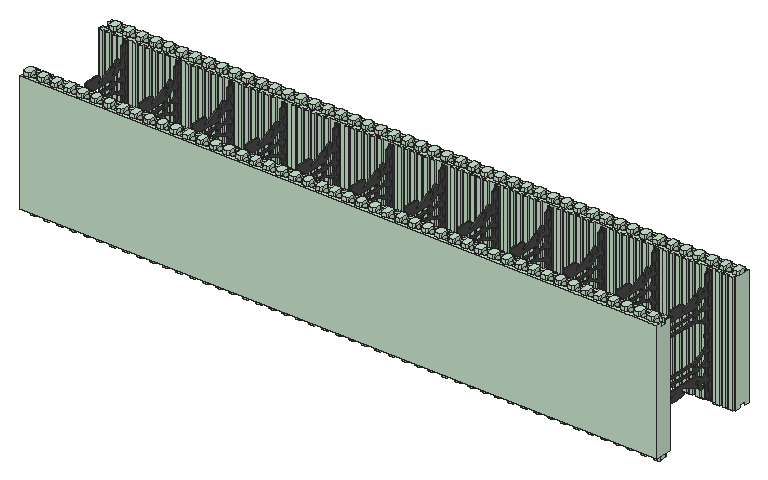
Revit family (continued)
Nested families (in)
  nested 168: "Interlock Tooth" at (14, 3, -18.5), type "Interlock Tooth"
  nested 169: "Interlock Tooth" at (16, 3, -18.5), type "Interlock Tooth"
  nested 170: "Interlock Tooth" at (18, 3, -18.5), type "Interlock Tooth"
  nested 171: "Interlock Tooth" at (20, 3, -18.5), type "Interlock Tooth"
  nested 172: "Interlock Tooth" at (22, 3, -18.5), type "Interlock Tooth"
  nested 173: "Interlock Tooth" at (24, 3, -18.5), type "Interlock Tooth"
  nested 174: "Interlock Tooth" at (26, 3, -18.5), type "Interlock Tooth"
  nested 175: "Interlock Tooth" at (28, 3, -18.5), type "Interlock Tooth"
  nested 176: "Interlock Tooth" at (30, 3, -18.5), type "Interlock Tooth"
  nested 177: "Interlock Tooth" at (32, 3, -18.5), type "Interlock Tooth"
  nested 178: "Interlock Tooth" at (34, 3, -18.5), type "Interlock Tooth"
  nested 179: "Interlock Tooth" at (36, 3, -18.5), type "Interlock Tooth"
  nested 180: "Interlock Tooth" at (38, 3, -18.5), type "Interlock Tooth"
  nested 181: "Interlock Tooth" at (40, 3, -18.5), type "Interlock Tooth"
  nested 182: "Interlock Tooth" at (42, 3, -18.5), type "Interlock Tooth"
  nested 183: "Interlock Tooth" at (44, 3, -18.5), type "Interlock Tooth"
  nested 184: "Interlock Tooth" at (46, 3, -18.5), type "Interlock Tooth"
  nested 185: "Interlock Tooth" at (48, 3, -18.5), type "Interlock Tooth"
  nested 186: "Interlock Tooth" at (50, 3, -18.5), type "Interlock Tooth"
  nested 187: "Interlock Tooth" at (52, 3, -18.5), type "Interlock Tooth"
  nested 188: "Interlock Tooth" at (54, 3, -18.5), type "Interlock Tooth"
  nested 189: "Interlock Tooth" at (56, 3, -18.5), type "Interlock Tooth"
  nested 190: "Interlock Tooth" at (58, 3, -18.5), type "Interlock Tooth"
  nested 191: "Interlock Tooth" at (60, 3, -18.5), type "Interlock Tooth"
  nested 192: "Interlock Tooth" at (62, 3, -18.5), type "Interlock Tooth"
  nested 193: "Interlock Tooth" at (64, 3, -18.5), type "Interlock Tooth"
  nested 194: "Interlock Tooth" at (66, 3, -18.5), type "Interlock Tooth"
  nested 195: "Interlock Tooth" at (68, 3, -18.5), type "Interlock Tooth"
  nested 196: "Interlock Tooth" at (70, 3, -18.5), type "Interlock Tooth"
  nested 197: "Interlock Tooth" at (72, 3, -18.5), type "Interlock Tooth"
  nested 198: "Interlock Tooth" at (74, 3, -18.5), type "Interlock Tooth"
  nested 199: "Interlock Tooth" at (76, 3, -18.5), type "Interlock Tooth"
  nested 200: "Interlock Tooth" at (78, 3, -18.5), type "Interlock Tooth"
  nested 201: "Interlock Tooth" at (80, 3, -18.5), type "Interlock Tooth"
  nested 202: "Interlock Tooth" at (82, 3, -18.5), type "Interlock Tooth"
  nested 203: "Interlock Tooth" at (84, 3, -18.5), type "Interlock Tooth"
  nested 204: "Interlock Tooth" at (86, 3, -18.5), type "Interlock Tooth"
  nested 205: "Interlock Tooth" at (88, 3, -18.5), type "Interlock Tooth"
  nested 206: "Interlock Tooth" at (90, 3, -18.5), type "Interlock Tooth"
  nested 207: "Interlock Tooth" at (92, 3, -18.5), type "Interlock Tooth"
  nested 208: "Interlock Tooth" at (94, 3, -18.5), type "Interlock Tooth"
  nested 209: "Interlock Tooth" at (0, 0, 0), type "Interlock Tooth", not visible
  nested 210: "Interlock Tooth" at (2, 0, 0), type "Interlock Tooth", not visible
  nested 211: "Interlock Tooth" at (4, 0, 0), type "Interlock Tooth", not visible
  nested 212: "Interlock Tooth" at (6, 0, 0), type "Interlock Tooth", not visible
  nested 213: "Interlock Tooth" at (8, 0, 0), type "Interlock Tooth", not visible
  nested 214: "Interlock Tooth" at (10, 0, 0), type "Interlock Tooth", not visible
  nested 215: "Interlock Tooth" at (12, 0, 0), type "Interlock Tooth", not visible
  nested 216: "Interlock Tooth" at (14, 0, 0), type "Interlock Tooth", not visible
  nested 217: "Interlock Tooth" at (16, 0, 0), type "Interlock Tooth", not visible
  nested 218: "Interlock Tooth" at (18, 0, 0), type "Interlock Tooth", not visible
  nested 219: "Interlock Tooth" at (20, 0, 0), type "Interlock Tooth", not visible
  nested 220: "Interlock Tooth" at (22, 0, 0), type "Interlock Tooth", not visible
  nested 221: "Interlock Tooth" at (24, 0, 0), type "Interlock Tooth", not visible
  nested 222: "Interlock Tooth" at (26, 0, 0), type "Interlock Tooth", not visible
  nested 223: "Interlock Tooth" at (28, 0, 0), type "Interlock Tooth", not visible
  nested 224: "Interlock Tooth" at (30, 0, 0), type "Interlock Tooth", not visible
  nested 225: "Interlock Tooth" at (32, 0, 0), type "Interlock Tooth", not visible
  nested 226: "Interlock Tooth" at (34, 0, 0), type "Interlock Tooth", not visible
  nested 227: "Interlock Tooth" at (36, 0, 0), type "Interlock Tooth", not visible
  nested 228: "Interlock Tooth" at (38, 0, 0), type "Interlock Tooth", not visible
  nested 229: "Interlock Tooth" at (40, 0, 0), type "Interlock Tooth", not visible
  nested 230: "Interlock Tooth" at (42, 0, 0), type "Interlock Tooth", not visible
  nested 231: "Interlock Tooth" at (44, 0, 0), type "Interlock Tooth", not visible
  nested 232: "Interlock Tooth" at (46, 0, 0), type "Interlock Tooth", not visible
  nested 233: "Interlock Tooth" at (48, 0, 0), type "Interlock Tooth", not visible
  nested 234: "Interlock Tooth" at (50, 0, 0), type "Interlock Tooth", not visible
  nested 235: "Interlock Tooth" at (52, 0, 0), type "Interlock Tooth", not visible
  nested 236: "Interlock Tooth" at (54, 0, 0), type "Interlock Tooth", not visible
  nested 237: "Interlock Tooth" at (56, 0, 0), type "Interlock Tooth", not visible
  nested 238: "Interlock Tooth" at (58, 0, 0), type "Interlock Tooth", not visible
  nested 239: "Interlock Tooth" at (60, 0, 0), type "Interlock Tooth", not visible
  nested 240: "Interlock Tooth" at (62, 0, 0), type "Interlock Tooth", not visible
  nested 241: "Interlock Tooth" at (64, 0, 0), type "Interlock Tooth", not visible
  nested 242: "Interlock Tooth" at (66, 0, 0), type "Interlock Tooth", not visible
  nested 243: "Interlock Tooth" at (68, 0, 0), type "Interlock Tooth", not visible
  nested 244: "Interlock Tooth" at (70, 0, 0), type "Interlock Tooth", not visible
  nested 245: "Interlock Tooth" at (72, 0, 0), type "Interlock Tooth", not visible
  nested 246: "Interlock Tooth" at (74, 0, 0), type "Interlock Tooth", not visible
  nested 247: "Interlock Tooth" at (76, 0, 0), type "Interlock Tooth", not visible
  nested 248: "Interlock Tooth" at (78, 0, 0), type "Interlock Tooth", not visible
  nested 249: "Interlock Tooth" at (80, 0, 0), type "Interlock Tooth", not visible
  nested 250: "Interlock Tooth" at (82, 0, 0), type "Interlock Tooth", not visible
  nested 251: "Interlock Tooth" at (84, 0, 0), type "Interlock Tooth", not visible
  nested 252: "Interlock Tooth" at (86, 0, 0), type "Interlock Tooth", not visible
  nested 253: "Interlock Tooth" at (88, 0, 0), type "Interlock Tooth", not visible
  nested 254: "Interlock Tooth" at (90, 0, 0), type "Interlock Tooth", not visible
  nested 255: "Interlock Tooth" at (92, 0, 0), type "Interlock Tooth", not visible
  nested 256: "Interlock Tooth" at (94, 0, 0), type "Interlock Tooth", not visible
  nested 257: "Interlock Tooth" at (1, 8.875, 0), type "Interlock Tooth", not visible
  nested 258: "Interlock Tooth" at (3, 8.875, 0), type "Interlock Tooth", not visible
  nested 259: "Interlock Tooth" at (5, 8.875, 0), type "Interlock Tooth", not visible
  nested 260: "Interlock Tooth" at (7, 8.875, 0), type "Interlock Tooth", not visible
  nested 261: "Interlock Tooth" at (9, 8.875, 0), type "Interlock Tooth", not visible
  nested 262: "Interlock Tooth" at (11, 8.875, 0), type "Interlock Tooth", not visible
  nested 263: "Interlock Tooth" at (13, 8.875, 0), type "Interlock Tooth", not visible
  nested 264: "Interlock Tooth" at (15, 8.875, 0), type "Interlock Tooth", not visible
  nested 265: "Interlock Tooth" at (17, 8.875, 0), type "Interlock Tooth", not visible
  nested 266: "Interlock Tooth" at (19, 8.875, 0), type "Interlock Tooth", not visible
  nested 267: "Interlock Tooth" at (21, 8.875, 0), type "Interlock Tooth", not visible
  nested 268: "Interlock Tooth" at (23, 8.875, 0), type "Interlock Tooth", not visible
  nested 269: "Interlock Tooth" at (25, 8.875, 0), type "Interlock Tooth", not visible
  nested 270: "Interlock Tooth" at (27, 8.875, 0), type "Interlock Tooth", not visible
  nested 271: "Interlock Tooth" at (29, 8.875, 0), type "Interlock Tooth", not visible
  nested 272: "Interlock Tooth" at (31, 8.875, 0), type "Interlock Tooth", not visible
  nested 273: "Interlock Tooth" at (33, 8.875, 0), type "Interlock Tooth", not visible
  nested 274: "Interlock Tooth" at (35, 8.875, 0), type "Interlock Tooth", not visible
  nested 275: "Interlock Tooth" at (37, 8.875, 0), type "Interlock Tooth", not visible
  nested 276: "Interlock Tooth" at (39, 8.875, 0), type "Interlock Tooth", not visible
  nested 277: "Interlock Tooth" at (41, 8.875, 0), type "Interlock Tooth", not visible
  nested 278: "Interlock Tooth" at (43, 8.875, 0), type "Interlock Tooth", not visible
  nested 279: "Interlock Tooth" at (45, 8.875, 0), type "Interlock Tooth", not visible
  nested 280: "Interlock Tooth" at (47, 8.875, 0), type "Interlock Tooth", not visible
  nested 281: "Interlock Tooth" at (49, 8.875, 0), type "Interlock Tooth", not visible
  nested 282: "Interlock Tooth" at (51, 8.875, 0), type "Interlock Tooth", not visible
  nested 283: "Interlock Tooth" at (53, 8.875, 0), type "Interlock Tooth", not visible
  nested 284: "Interlock Tooth" at (55, 8.875, 0), type "Interlock Tooth", not visible
  nested 285: "Interlock Tooth" at (57, 8.875, 0), type "Interlock Tooth", not visible
  nested 286: "Interlock Tooth" at (59, 8.875, 0), type "Interlock Tooth", not visible
  nested 287: "Interlock Tooth" at (61, 8.875, 0), type "Interlock Tooth", not visible
  nested 288: "Interlock Tooth" at (63, 8.875, 0), type "Interlock Tooth", not visible
  nested 289: "Interlock Tooth" at (65, 8.875, 0), type "Interlock Tooth", not visible
  nested 290: "Interlock Tooth" at (67, 8.875, 0), type "Interlock Tooth", not visible
  nested 291: "Interlock Tooth" at (69, 8.875, 0), type "Interlock Tooth", not visible
  nested 292: "Interlock Tooth" at (71, 8.875, 0), type "Interlock Tooth", not visible
  nested 293: "Interlock Tooth" at (73, 8.875, 0), type "Interlock Tooth", not visible
  nested 294: "Interlock Tooth" at (75, 8.875, 0), type "Interlock Tooth", not visible
  nested 295: "Interlock Tooth" at (77, 8.875, 0), type "Interlock Tooth", not visible
  nested 296: "Interlock Tooth" at (79, 8.875, 0), type "Interlock Tooth", not visible
  nested 297: "Interlock Tooth" at (81, 8.875, 0), type "Interlock Tooth", not visible
  nested 298: "Interlock Tooth" at (83, 8.875, 0), type "Interlock Tooth", not visible
  nested 299: "Interlock Tooth" at (85, 8.875, 0), type "Interlock Tooth", not visible
  nested 300: "Interlock Tooth" at (87, 8.875, 0), type "Interlock Tooth", not visible
  nested 301: "Interlock Tooth" at (89, 8.875, 0), type "Interlock Tooth", not visible
  nested 302: "Interlock Tooth" at (91, 8.875, 0), type "Interlock Tooth", not visible
  nested 303: "Interlock Tooth" at (93, 8.875, 0), type "Interlock Tooth", not visible
  nested 304: "Interlock Tooth" at (95, 8.875, 0), type "Interlock Tooth", not visible
  nested 305: "NUDURA Logo Diamond" at (0, -8.625, 0), type "NUDURA Logo Diamond"
  nested 306: "NUDURA Logo Diamond" at (24, -8.625, 0), type "NUDURA Logo Diamond"
  nested 307: "NUDURA Logo Diamond" at (48, -8.625, 0), type "NUDURA Logo Diamond"
  nested 308: "NUDURA Logo Diamond" at (72, -8.625, 0), type "NUDURA Logo Diamond"
  nested 309: "NUDURA Logo Diamond" at (95.99744, 8.625, 0) x (-1, 0, 0) z (0, 0, 1), type "NUDURA Logo Diamond"
  nested 310: "NUDURA Logo Diamond" at (71.99744, 8.625, 0) x (-1, 0, 0) z (0, 0, 1), type "NUDURA Logo Diamond"
  nested 311: "NUDURA Logo Diamond" at (47.99744, 8.625, 0) x (-1, 0, 0) z (0, 0, 1), type "NUDURA Logo Diamond"
  nested 312: "NUDURA Logo Diamond" at (23.99744, 8.625, 0) x (-1, 0, 0) z (0, 0, 1), type "NUDURA Logo Diamond"
  nested 313: "12-inch Insert Web" at (4, 0, 0), type "12-inch Insert Web"
  nested 314: "12-inch Insert Web" at (12, 0, 0), type "12-inch Insert Web"
  nested 315: "12-inch Insert Web" at (20, 0, 0), type "12-inch Insert Web"
  nested 316: "12-inch Insert Web" at (28, 0, 0), type "12-inch Insert Web"
  nested 317: "12-inch Insert Web" at (36, 0, 0), type "12-inch Insert Web"
  nested 318: "12-inch Insert Web" at (44, 0, 0), type "12-inch Insert Web"
  nested 319: "12-inch Insert Web" at (52, 0, 0), type "12-inch Insert Web"
  nested 320: "12-inch Insert Web" at (60, 0, 0), type "12-inch Insert Web"
  nested 321: "12-inch Insert Web" at (68, 0, 0), type "12-inch Insert Web"
  nested 322: "12-inch Insert Web" at (76, 0, 0), type "12-inch Insert Web"
  nested 323: "12-inch Insert Web" at (84, 0, 0), type "12-inch Insert Web"
  nested 324: "12-inch Insert Web" at (92, 0, 0), type "12-inch Insert Web"
Definition of nested family "Interlock Tooth"
  Reference planes (in)
    plane 1 "Center (Front/Back)": y = 0
    plane 2: z = 0
    plane 3 "Center (Left/Right)": x = 0
    plane 4: z = 18
    plane 5: z = 18.5
    plane 6: z = -0.5
  Forms (in)
    Extrusion 1, solid, material "NUDURA Expanded Polystyrene Foam Insulation"
      sketch origin (0, -8.875, 0) x (1, 0, 0) y (0, 1, 0)
        loop
          arc (0, 3.97692) -> (0.04785, 3.82983) -> (0.17308, 3.73905) r 0.25
          arc (0.17308, 3.73905) -> (0.5, 3.6875) -> (0.82692, 3.73905) r 1.0625
          arc (0.82692, 3.73905) -> (0.95215, 3.82983) -> (1, 3.97692) r 0.25
          line (1, 3.97692) -> (1, 4.89808)
          arc (1, 4.89808) -> (0.95215, 5.04517) -> (0.82692, 5.13595) r 0.25
          arc (0.82692, 5.13595) -> (0.5, 5.1875) -> (0.17308, 5.13595) r 1.0625
          arc (0.17308, 5.13595) -> (0.04785, 5.04517) -> (0, 4.89808) r 0.25
          line (0, 4.89808) -> (0, 3.97692)
      from 18 to 18.5
  Dimensions and locks (in)
    locked: plane 4 to level at 18
    locked: plane 4 to plane 5 at 0.5
    locked: plane 6 to level at 0.5
Definition of nested family "12-inch Insert Web"
  Reference planes (in)
    plane 1 "Center (Front/Back)": y = 0
    plane 2: z = 0
    plane 3 "Center (Left/Right)": x = 0
  Forms (in)
    Extrusion 1, solid, material "High Density Polystyrene"
      sketch origin (0, 0, 0) x (0, 1, 0) y (0, 0, 1)
        loop
          line (6.25, 0) -> (6.25, 17.74583)
          arc (6.25, 17.74583) -> (6.22112, 17.72608) -> (6.21, 17.69292) r 0.055
          line (6.21, 17.69292) -> (6.21, 0.05292)
          arc (6.21, 0.05292) -> (6.22112, 0.01975) -> (6.25, 0) r 0.055
        loop
          arc (-6.25, 0) -> (-6.22112, 0.01975) -> (-6.21, 0.05292) r 0.055
          line (-6.21, 0.05292) -> (-6.21, 17.69292)
          arc (-6.21, 17.69292) -> (-6.22112, 17.72608) -> (-6.25, 17.74583) r 0.055
          line (-6.25, 17.74583) -> (-6.25, 0)
      from 0.36328 to -0.36328
    Extrusion 2, solid, material "High Density Polystyrene"
      sketch origin (0, 0, 0) x (0, 1, 0) y (0, 0, 1)
        loop
          arc (6.18889, 17.40785) -> (6.20374, 17.40241) -> (6.21, 17.38789) r 0.02
          line (6.21, 17.38789) -> (6.21, 17.63668)
          arc (6.21, 17.63668) -> (6.20585, 17.62147) -> (6.19457, 17.61045) r 0.03
          line (6.19457, 17.61045) -> (6.12543, 17.57204)
          arc (6.12543, 17.57204) -> (6.11414, 17.56103) -> (6.11, 17.54582) r 0.03
          line (6.11, 17.54582) -> (6.11, 17.42461)
          arc (6.11, 17.42461) -> (6.11625, 17.41008) -> (6.13111, 17.40464) r 0.02
          line (6.13111, 17.40464) -> (6.18889, 17.40785)
        loop
          line (-6.12543, 17.57204) -> (-6.19457, 17.61045)
          arc (-6.19457, 17.61045) -> (-6.20585, 17.62147) -> (-6.21, 17.63668) r 0.03
          line (-6.21, 17.63668) -> (-6.21, 17.38789)
          arc (-6.21, 17.38789) -> (-6.20374, 17.40241) -> (-6.18889, 17.40785) r 0.02
          line (-6.18889, 17.40785) -> (-6.13111, 17.40464)
          arc (-6.13111, 17.40464) -> (-6.11625, 17.41008) -> (-6.11, 17.42461) r 0.02
          line (-6.11, 17.42461) -> (-6.11, 17.54582)
          arc (-6.11, 17.54582) -> (-6.11414, 17.56103) -> (-6.12543, 17.57204) r 0.03
        loop
          line (6.18889, 0.33798) -> (6.13111, 0.34119)
          arc (6.13111, 0.34119) -> (6.11625, 0.33575) -> (6.11, 0.32122) r 0.02
          line (6.11, 0.32122) -> (6.11, 0.20001)
          arc (6.11, 0.20001) -> (6.11414, 0.1848) -> (6.12543, 0.17379) r 0.03
          line (6.12543, 0.17379) -> (6.19457, 0.13538)
          arc (6.19457, 0.13538) -> (6.20585, 0.12437) -> (6.21, 0.10915) r 0.03
          line (6.21, 0.10915) -> (6.21, 0.35795)
          arc (6.21, 0.35795) -> (6.20374, 0.34342) -> (6.18889, 0.33798) r 0.02
        loop
          arc (-6.12543, 0.17379) -> (-6.11414, 0.1848) -> (-6.11, 0.20001) r 0.03
          line (-6.11, 0.20001) -> (-6.11, 0.32122)
          arc (-6.11, 0.32122) -> (-6.11625, 0.33575) -> (-6.13111, 0.34119) r 0.02
          line (-6.13111, 0.34119) -> (-6.18889, 0.33798)
          arc (-6.18889, 0.33798) -> (-6.20374, 0.34342) -> (-6.21, 0.35795) r 0.02
          line (-6.21, 0.35795) -> (-6.21, 0.10915)
          arc (-6.21, 0.10915) -> (-6.20585, 0.12437) -> (-6.19457, 0.13538) r 0.03
          line (-6.19457, 0.13538) -> (-6.12543, 0.17379)
        loop
          line (6, 17.20772) -> (5.925, 17.43772)
          arc (5.925, 17.43772) -> (5.875, 17.46772) -> (5.825, 17.43772) r 0.05667
          line (5.825, 17.43772) -> (5.77609, 17.28772) -> (5.64893, 17.28772)
          arc (5.64893, 17.28772) -> (5.61433, 17.27339) -> (5.6, 17.2388) r 0.04893
          line (5.6, 17.2388) -> (5.6, 17.20772) -> (5.5, 17.20772) -> (5.5, 15.75595)
          arc (5.5, 15.75595) -> (5.43087, 15.489) -> (5.24086, 15.28915) r 0.55
          arc (5.24086, 15.28915) -> (5.19232, 15.23289) -> (5.1843, 15.15901) r 0.125
          arc (5.1843, 15.15901) -> (4.73923, 14.83241) -> (4.77171, 15.3835) r 0.305
          arc (4.77171, 15.3835) -> (4.89426, 15.66948) -> (4.60829, 15.79202) r 0.22
          arc (4.60829, 15.79202) -> (4.25428, 15.49683) -> (4.14171, 15.04986) r 0.745
          arc (4.14171, 15.04986) -> (4.09808, 14.63491) -> (3.96932, 14.23805) r 2
          arc (3.96932, 14.23805) -> (3.47025, 14.23431) -> (3.63581, 14.70513) r 0.305
          arc (3.63581, 14.70513) -> (3.78874, 15.03658) -> (3.43743, 15.1357) r 0.24
          line (3.43743, 15.1357) -> (1.31021, 14.13634)
          arc (1.31021, 14.13634) -> (0.87667, 14.28198) -> (1.07505, 14.69406) r 0.305
          arc (1.07505, 14.69406) -> (1.24991, 14.91838) -> (1.08783, 15.15211) r 0.24
          arc (1.08783, 15.15211) -> (0.76801, 15.23299) -> (0.43924, 15.2602) r 2
          line (0.43924, 15.2602) -> (0, 15.2602) -> (-0.43924, 15.2602)
          arc (-0.43924, 15.2602) -> (-0.76801, 15.23299) -> (-1.08783, 15.15211) r 2
          arc (-1.08783, 15.15211) -> (-1.24991, 14.91838) -> (-1.07505, 14.69406) r 0.24
          arc (-1.07505, 14.69406) -> (-0.87667, 14.28198) -> (-1.31021, 14.13634) r 0.305
          line (-1.31021, 14.13634) -> (-3.43743, 15.1357)
          arc (-3.43743, 15.1357) -> (-3.78874, 15.03658) -> (-3.63581, 14.70513) r 0.24
          arc (-3.63581, 14.70513) -> (-3.47025, 14.23431) -> (-3.96932, 14.23805) r 0.305
          arc (-3.96932, 14.23805) -> (-4.09808, 14.63491) -> (-4.14171, 15.04986) r 2
          arc (-4.14171, 15.04986) -> (-4.25428, 15.49683) -> (-4.60829, 15.79202) r 0.745
          arc (-4.60829, 15.79202) -> (-4.89426, 15.66948) -> (-4.77171, 15.3835) r 0.22
          arc (-4.77171, 15.3835) -> (-4.73923, 14.83241) -> (-5.1843, 15.15901) r 0.305
          arc (-5.1843, 15.15901) -> (-5.19232, 15.23289) -> (-5.24086, 15.28915) r 0.125
          arc (-5.24086, 15.28915) -> (-5.43087, 15.489) -> (-5.5, 15.75595) r 0.55
          line (-5.5, 15.75595) -> (-5.5, 17.20772) -> (-5.6, 17.20772) -> (-5.6, 17.2388)
          arc (-5.6, 17.2388) -> (-5.61433, 17.27339) -> (-5.64893, 17.28772) r 0.04893
          line (-5.64893, 17.28772) -> (-5.77609, 17.28772) -> (-5.825, 17.43772)
          arc (-5.825, 17.43772) -> (-5.875, 17.46772) -> (-5.925, 17.43772) r 0.05667
          line (-5.925, 17.43772) -> (-6, 17.20772) -> (-6, 0.66519) -> (-5.925, 0.43519)
          arc (-5.925, 0.43519) -> (-5.875, 0.40519) -> (-5.825, 0.43519) r 0.05667
          line (-5.825, 0.43519) -> (-5.77609, 0.58519) -> (-5.64893, 0.58519)
          arc (-5.64893, 0.58519) -> (-5.61433, 0.59952) -> (-5.6, 0.63412) r 0.04893
          line (-5.6, 0.63412) -> (-5.6, 0.66519) -> (-5.5, 0.66519) -> (-5.5, 2.24405)
          arc (-5.5, 2.24405) -> (-5.43087, 2.511) -> (-5.24086, 2.71085) r 0.55
          arc (-5.24086, 2.71085) -> (-5.19232, 2.76711) -> (-5.1843, 2.84099) r 0.125
          arc (-5.1843, 2.84099) -> (-4.73923, 3.16759) -> (-4.77171, 2.6165) r 0.305
          arc (-4.77171, 2.6165) -> (-4.89426, 2.33052) -> (-4.60829, 2.20798) r 0.22
          arc (-4.60829, 2.20798) -> (-4.25428, 2.50317) -> (-4.14171, 2.95014) r 0.745
          arc (-4.14171, 2.95014) -> (-4.09808, 3.36509) -> (-3.96932, 3.76195) r 2
          arc (-3.96932, 3.76195) -> (-3.47025, 3.76569) -> (-3.63581, 3.29487) r 0.305
          arc (-3.63581, 3.29487) -> (-3.78874, 2.96342) -> (-3.43743, 2.8643) r 0.24
          line (-3.43743, 2.8643) -> (-1.31021, 3.86366)
          arc (-1.31021, 3.86366) -> (-0.87667, 3.71802) -> (-1.07505, 3.30594) r 0.305
          arc (-1.07505, 3.30594) -> (-1.24991, 3.08162) -> (-1.08783, 2.84789) r 0.24
          arc (-1.08783, 2.84789) -> (-0.76801, 2.76701) -> (-0.43924, 2.7398) r 2
          line (-0.43924, 2.7398) -> (0, 2.7398) -> (0.43924, 2.7398)
          arc (0.43924, 2.7398) -> (0.76801, 2.76701) -> (1.08783, 2.84789) r 2
          arc (1.08783, 2.84789) -> (1.24991, 3.08162) -> (1.07505, 3.30594) r 0.24
          arc (1.07505, 3.30594) -> (0.87667, 3.71802) -> (1.31021, 3.86366) r 0.305
          line (1.31021, 3.86366) -> (3.43743, 2.8643)
          arc (3.43743, 2.8643) -> (3.78874, 2.96342) -> (3.63581, 3.29487) r 0.24
          arc (3.63581, 3.29487) -> (3.47025, 3.76569) -> (3.96932, 3.76195) r 0.305
          arc (3.96932, 3.76195) -> (4.09808, 3.36509) -> (4.14171, 2.95014) r 2
          arc (4.14171, 2.95014) -> (4.25428, 2.50317) -> (4.60829, 2.20798) r 0.745
          arc (4.60829, 2.20798) -> (4.89426, 2.33052) -> (4.77171, 2.6165) r 0.22
          arc (4.77171, 2.6165) -> (4.73923, 3.16759) -> (5.1843, 2.84099) r 0.305
          arc (5.1843, 2.84099) -> (5.19232, 2.76711) -> (5.24086, 2.71085) r 0.125
          arc (5.24086, 2.71085) -> (5.43087, 2.511) -> (5.5, 2.24405) r 0.55
          line (5.5, 2.24405) -> (5.5, 0.66519) -> (5.6, 0.66519) -> (5.6, 0.63412)
          arc (5.6, 0.63412) -> (5.61433, 0.59952) -> (5.64893, 0.58519) r 0.04893
          line (5.64893, 0.58519) -> (5.77609, 0.58519) -> (5.825, 0.43519)
          arc (5.825, 0.43519) -> (5.875, 0.40519) -> (5.925, 0.43519) r 0.05667
          line (5.925, 0.43519) -> (6, 0.66519) -> (6, 17.20772)
        loop
          arc (3.02319, 4.29202) -> (3.16251, 4.2877) -> (3.3013, 4.27477) r 2.25
          arc (3.3013, 4.27477) -> (3.48148, 4.41353) -> (3.6, 4.60763) r 0.62421
          line (3.6, 4.60763) -> (3.6, 4.73363)
          arc (3.6, 4.73363) -> (3.4551, 4.96314) -> (3.22579, 5.10835) r 0.61747
          line (3.22579, 5.10835) -> (0, 5.10835) -> (-3.22579, 5.10835)
          arc (-3.22579, 5.10835) -> (-3.4551, 4.96314) -> (-3.6, 4.73363) r 0.61747
          line (-3.6, 4.73363) -> (-3.6, 4.60763)
          arc (-3.6, 4.60763) -> (-3.48148, 4.41353) -> (-3.3013, 4.27477) r 0.62421
          arc (-3.3013, 4.27477) -> (-3.16251, 4.2877) -> (-3.02319, 4.29202) r 2.25
          line (-3.02319, 4.29202) -> (0, 4.29202) -> (3.02319, 4.29202)
        loop
          line (4.08806, 4.02826) -> (4.96605, 3.61736)
          arc (4.96605, 3.61736) -> (5.32627, 3.64059) -> (5.5, 3.95701) r 0.375
          line (5.5, 3.95701) -> (5.5, 4.48373)
          arc (5.5, 4.48373) -> (5.31694, 4.92567) -> (4.875, 5.10873) r 0.625
          line (4.875, 5.10873) -> (4.3, 5.10873)
          arc (4.3, 5.10873) -> (3.94645, 4.96229) -> (3.8, 4.60873) r 0.5
          line (3.8, 4.60873) -> (3.8, 4.48112)
          arc (3.8, 4.48112) -> (3.87812, 4.21276) -> (4.08806, 4.02826) r 0.5
        loop
          line (5.5, 5.91373) -> (5.5, 6.44046)
          arc (5.5, 6.44046) -> (5.32627, 6.75687) -> (4.96605, 6.78011) r 0.375
          line (4.96605, 6.78011) -> (4.08806, 6.36921)
          arc (4.08806, 6.36921) -> (3.87812, 6.18471) -> (3.8, 5.91635) r 0.5
          line (3.8, 5.91635) -> (3.8, 5.78873)
          arc (3.8, 5.78873) -> (3.94645, 5.43518) -> (4.3, 5.28873) r 0.5
          line (4.3, 5.28873) -> (4.875, 5.28873)
          arc (4.875, 5.28873) -> (5.31694, 5.47179) -> (5.5, 5.91373) r 0.625
        loop
          arc (3.30123, 6.1222) -> (3.16288, 6.10935) -> (3.02401, 6.10506) r 2.25
          line (3.02401, 6.10506) -> (0, 6.10506) -> (-3.02401, 6.10506)
          arc (-3.02401, 6.10506) -> (-3.16288, 6.10935) -> (-3.30123, 6.1222) r 2.25
          arc (-3.30123, 6.1222) -> (-3.48146, 5.98344) -> (-3.6, 5.7893) r 0.62421
          line (-3.6, 5.7893) -> (-3.6, 5.66335)
          arc (-3.6, 5.66335) -> (-3.45481, 5.43354) -> (-3.225, 5.28835) r 0.61747
          line (-3.225, 5.28835) -> (0, 5.28835) -> (3.225, 5.28835)
          arc (3.225, 5.28835) -> (3.45481, 5.43354) -> (3.6, 5.66335) r 0.61747
          line (3.6, 5.66335) -> (3.6, 5.7893)
          arc (3.6, 5.7893) -> (3.48146, 5.98344) -> (3.30123, 6.1222) r 0.62421
        loop
          arc (-4.08806, 4.02826) -> (-3.87812, 4.21276) -> (-3.8, 4.48112) r 0.5
          line (-3.8, 4.48112) -> (-3.8, 4.60873)
          arc (-3.8, 4.60873) -> (-3.94645, 4.96229) -> (-4.3, 5.10873) r 0.5
          line (-4.3, 5.10873) -> (-4.875, 5.10873)
          arc (-4.875, 5.10873) -> (-5.31694, 4.92567) -> (-5.5, 4.48373) r 0.625
          line (-5.5, 4.48373) -> (-5.5, 3.95701)
          arc (-5.5, 3.95701) -> (-5.32627, 3.64059) -> (-4.96605, 3.61736) r 0.375
          line (-4.96605, 3.61736) -> (-4.08806, 4.02826)
        loop
          arc (-5.5, 5.91373) -> (-5.31694, 5.47179) -> (-4.875, 5.28873) r 0.625
          line (-4.875, 5.28873) -> (-4.3, 5.28873)
          arc (-4.3, 5.28873) -> (-3.94645, 5.43518) -> (-3.8, 5.78873) r 0.5
          line (-3.8, 5.78873) -> (-3.8, 5.91635)
          arc (-3.8, 5.91635) -> (-3.87812, 6.18471) -> (-4.08806, 6.36921) r 0.5
          line (-4.08806, 6.36921) -> (-4.96605, 6.78011)
          arc (-4.96605, 6.78011) -> (-5.32627, 6.75687) -> (-5.5, 6.44046) r 0.375
          line (-5.5, 6.44046) -> (-5.5, 5.91373)
        loop
          line (5.5, 7.54678) -> (5.5, 8.68765) -> (5.38, 8.88765) -> (5.38, 9) -> (5.38, 9.11235) -> (5.5, 9.31235) -> (5.5, 10.45322)
          arc (5.5, 10.45322) -> (5.42188, 10.72158) -> (5.21194, 10.90608) r 0.5
          line (5.21194, 10.90608) -> (3.95372, 11.49492)
          arc (3.95372, 11.49492) -> (3.48851, 11.65338) -> (3, 11.70705) r 2.25
          line (3, 11.70705) -> (0, 11.70705) -> (-3, 11.70705)
          arc (-3, 11.70705) -> (-3.48851, 11.65338) -> (-3.95372, 11.49492) r 2.25
          line (-3.95372, 11.49492) -> (-5.21194, 10.90608)
          arc (-5.21194, 10.90608) -> (-5.42188, 10.72158) -> (-5.5, 10.45322) r 0.5
          line (-5.5, 10.45322) -> (-5.5, 9.31235) -> (-5.38, 9.11235) -> (-5.38, 9) -> (-5.38, 8.88765) -> (-5.5, 8.68765) -> (-5.5, 7.54678)
          arc (-5.5, 7.54678) -> (-5.42188, 7.27842) -> (-5.21194, 7.09392) r 0.5
          line (-5.21194, 7.09392) -> (-3.95372, 6.50508)
          arc (-3.95372, 6.50508) -> (-3.48851, 6.34662) -> (-3, 6.29295) r 2.25
          line (-3, 6.29295) -> (0, 6.29295) -> (3, 6.29295)
          arc (3, 6.29295) -> (3.48851, 6.34662) -> (3.95372, 6.50508) r 2.25
          line (3.95372, 6.50508) -> (5.21194, 7.09392)
          arc (5.21194, 7.09392) -> (5.42188, 7.27842) -> (5.5, 7.54678) r 0.5
        loop
          line (3.02319, 13.70798) -> (0, 13.70798) -> (-3.02319, 13.70798)
          arc (-3.02319, 13.70798) -> (-3.16251, 13.7123) -> (-3.3013, 13.72523) r 2.25
          arc (-3.3013, 13.72523) -> (-3.48148, 13.58647) -> (-3.6, 13.39237) r 0.62421
          line (-3.6, 13.39237) -> (-3.6, 13.26637)
          arc (-3.6, 13.26637) -> (-3.4551, 13.03686) -> (-3.22579, 12.89165) r 0.61747
          line (-3.22579, 12.89165) -> (0, 12.89165) -> (3.22579, 12.89165)
          arc (3.22579, 12.89165) -> (3.4551, 13.03686) -> (3.6, 13.26637) r 0.61747
          line (3.6, 13.26637) -> (3.6, 13.39237)
          arc (3.6, 13.39237) -> (3.48148, 13.58647) -> (3.3013, 13.72523) r 0.62421
          arc (3.3013, 13.72523) -> (3.16251, 13.7123) -> (3.02319, 13.70798) r 2.25
        loop
          arc (4.08806, 13.97174) -> (3.87812, 13.78724) -> (3.8, 13.51888) r 0.5
          line (3.8, 13.51888) -> (3.8, 13.39127)
          arc (3.8, 13.39127) -> (3.94645, 13.03771) -> (4.3, 12.89127) r 0.5
          line (4.3, 12.89127) -> (4.875, 12.89127)
          arc (4.875, 12.89127) -> (5.31694, 13.07433) -> (5.5, 13.51627) r 0.625
          line (5.5, 13.51627) -> (5.5, 14.04299)
          arc (5.5, 14.04299) -> (5.32627, 14.35941) -> (4.96605, 14.38264) r 0.375
          line (4.96605, 14.38264) -> (4.08806, 13.97174)
        loop
          arc (5.5, 12.08627) -> (5.31694, 12.52821) -> (4.875, 12.71127) r 0.625
          line (4.875, 12.71127) -> (4.3, 12.71127)
          arc (4.3, 12.71127) -> (3.94645, 12.56482) -> (3.8, 12.21127) r 0.5
          line (3.8, 12.21127) -> (3.8, 12.08365)
          arc (3.8, 12.08365) -> (3.87812, 11.81529) -> (4.08806, 11.63079) r 0.5
          line (4.08806, 11.63079) -> (4.96605, 11.21989)
          arc (4.96605, 11.21989) -> (5.32627, 11.24313) -> (5.5, 11.55954) r 0.375
          line (5.5, 11.55954) -> (5.5, 12.08627)
        loop
          arc (3.30123, 11.8778) -> (3.48146, 12.01656) -> (3.6, 12.2107) r 0.62421
          line (3.6, 12.2107) -> (3.6, 12.33665)
          arc (3.6, 12.33665) -> (3.45481, 12.56646) -> (3.225, 12.71165) r 0.61747
          line (3.225, 12.71165) -> (0, 12.71165) -> (-3.225, 12.71165)
          arc (-3.225, 12.71165) -> (-3.45481, 12.56646) -> (-3.6, 12.33665) r 0.61747
          line (-3.6, 12.33665) -> (-3.6, 12.2107)
          arc (-3.6, 12.2107) -> (-3.48146, 12.01656) -> (-3.30123, 11.8778) r 0.62421
          arc (-3.30123, 11.8778) -> (-3.16288, 11.89065) -> (-3.02401, 11.89494) r 2.25
          line (-3.02401, 11.89494) -> (0, 11.89494) -> (3.02401, 11.89494)
          arc (3.02401, 11.89494) -> (3.16288, 11.89065) -> (3.30123, 11.8778) r 2.25
        loop
          line (-4.08806, 13.97174) -> (-4.96605, 14.38264)
          arc (-4.96605, 14.38264) -> (-5.32627, 14.35941) -> (-5.5, 14.04299) r 0.375
          line (-5.5, 14.04299) -> (-5.5, 13.51627)
          arc (-5.5, 13.51627) -> (-5.31694, 13.07433) -> (-4.875, 12.89127) r 0.625
          line (-4.875, 12.89127) -> (-4.3, 12.89127)
          arc (-4.3, 12.89127) -> (-3.94645, 13.03771) -> (-3.8, 13.39127) r 0.5
          line (-3.8, 13.39127) -> (-3.8, 13.51888)
          arc (-3.8, 13.51888) -> (-3.87812, 13.78724) -> (-4.08806, 13.97174) r 0.5
        loop
          line (-5.5, 12.08627) -> (-5.5, 11.55954)
          arc (-5.5, 11.55954) -> (-5.32627, 11.24313) -> (-4.96605, 11.21989) r 0.375
          line (-4.96605, 11.21989) -> (-4.08806, 11.63079)
          arc (-4.08806, 11.63079) -> (-3.87812, 11.81529) -> (-3.8, 12.08365) r 0.5
          line (-3.8, 12.08365) -> (-3.8, 12.21127)
          arc (-3.8, 12.21127) -> (-3.94645, 12.56482) -> (-4.3, 12.71127) r 0.5
          line (-4.3, 12.71127) -> (-4.875, 12.71127)
          arc (-4.875, 12.71127) -> (-5.31694, 12.52821) -> (-5.5, 12.08627) r 0.625
      from 0.125 to -0.125
    Extrusion 3, solid, material "High Density Polystyrene"
      sketch origin (0, 0, 0) x (0, 1, 0) y (0, 0, 1)
        loop
          line (6.21, 16.17792) -> (5.71, 16.17792) -> (5.71, 14.97792) -> (6.21, 14.97792) -> (6.21, 16.17792)
        loop
          line (6.21, 14.22792) -> (5.71, 14.22792) -> (5.71, 13.02792) -> (6.21, 13.02792) -> (6.21, 14.22792)
        loop
          line (6.21, 12.27792) -> (5.71, 12.27792) -> (5.71, 11.07792) -> (6.21, 11.07792) -> (6.21, 12.27792)
        loop
          line (6.21, 10.32792) -> (5.71, 10.32792) -> (5.71, 9.24792) -> (6.21, 9.24792) -> (6.21, 10.32792)
        loop
          line (6.21, 8.49792) -> (5.71, 8.49792) -> (5.71, 7.41792) -> (6.21, 7.41792) -> (6.21, 8.49792)
        loop
          line (6.21, 6.66792) -> (5.71, 6.66792) -> (5.71, 5.46792) -> (6.21, 5.46792) -> (6.21, 6.66792)
        loop
          line (6.21, 4.71792) -> (5.71, 4.71792) -> (5.71, 3.51792) -> (6.21, 3.51792) -> (6.21, 4.71792)
        loop
          line (6.21, 2.76792) -> (5.71, 2.76792) -> (5.71, 1.56792) -> (6.21, 1.56792) -> (6.21, 2.76792)
        loop
          line (-6.21, 16.17792) -> (-6.21, 14.97792) -> (-5.71, 14.97792) -> (-5.71, 16.17792) -> (-6.21, 16.17792)
        loop
          line (-6.21, 14.22792) -> (-6.21, 13.02792) -> (-5.71, 13.02792) -> (-5.71, 14.22792) -> (-6.21, 14.22792)
        loop
          line (-6.21, 12.27792) -> (-6.21, 11.07792) -> (-5.71, 11.07792) -> (-5.71, 12.27792) -> (-6.21, 12.27792)
        loop
          line (-6.21, 10.32792) -> (-6.21, 9.24792) -> (-5.71, 9.24792) -> (-5.71, 10.32792) -> (-6.21, 10.32792)
        loop
          line (-6.21, 8.49792) -> (-6.21, 7.41792) -> (-5.71, 7.41792) -> (-5.71, 8.49792) -> (-6.21, 8.49792)
        loop
          line (-6.21, 6.66792) -> (-6.21, 5.46792) -> (-5.71, 5.46792) -> (-5.71, 6.66792) -> (-6.21, 6.66792)
        loop
          line (-6.21, 4.71792) -> (-6.21, 3.51792) -> (-5.71, 3.51792) -> (-5.71, 4.71792) -> (-6.21, 4.71792)
        loop
          line (-6.21, 2.76792) -> (-6.21, 1.56792) -> (-5.71, 1.56792) -> (-5.71, 2.76792) -> (-6.21, 2.76792)
      from 0.25 to -0.25
    Extrusion 4, void
      sketch origin (0, 3, 0) x (1, 0, 0) y (0, 1, 0)
        loop
          line (-0.25, 2.79249) -> (-0.25, 2.71) -> (-0.1675, 2.71)
          arc (-0.1675, 2.71) -> (-0.22584, 2.73416) -> (-0.25, 2.79249) r 0.0825
      from 0 to 18
    Extrusion 5, void
      sketch origin (0, 3, 0) x (-1, 0, 0) y (0, -1, 0)
        loop
          arc (-0.25, -2.79249) -> (-0.22584, -2.73416) -> (-0.1675, -2.71) r 0.0825
          line (-0.1675, -2.71) -> (-0.25, -2.71) -> (-0.25, -2.79249)
      from 0 to 18
    Extrusion 6, void
      sketch origin (0, -3, 0) x (1, 0, 0) y (0, 1, 0)
        loop
          arc (-0.25, -2.79249) -> (-0.22584, -2.73416) -> (-0.1675, -2.71) r 0.0825
          line (-0.1675, -2.71) -> (-0.25, -2.71) -> (-0.25, -2.79249)
      from 0 to 18
    Extrusion 7, void
      sketch origin (0, -3, 0) x (-1, 0, 0) y (0, -1, 0)
        loop
          line (-0.25, 2.79249) -> (-0.25, 2.71) -> (-0.1675, 2.71)
          arc (-0.1675, 2.71) -> (-0.22584, 2.73416) -> (-0.25, 2.79249) r 0.0825
      from 0 to 18
  Cuts and joins
    Extrusion 4, Extrusion 5, Extrusion 6, Extrusion 7 cuts Extrusion 1
    Extrusion 4, Extrusion 5, Extrusion 6, Extrusion 7 cuts Extrusion 3
Definition of nested family "NUDURA Diamond Pattern"
  Reference planes (in)
    plane 1 "Center (Front/Back)": y = 0
    plane 2: z = 0
    plane 3 "Center (Left/Right)": x = 0
    plane 4: z = 18
  Lines and regions (in)
    model lines
      curve 1: line (8, -5.625, 18) -> (8, -5.625, 0)
      curve 2: line (6, -5.625, 18) -> (6, -5.625, 0)
      curve 3: line (2, -5.625, 18) -> (2, -5.625, 0)
      curve 4: line (3.35367, -5.625, 16.98484) -> (3.69709, -5.625, 16.64142)
      curve 5: arc (3.35367, -5.625, 17.51517) -> (3.24384, -5.625, 17.25) -> (3.35367, -5.625, 16.98484) r 0.375
      curve 6: line (3.72867, -5.625, 17.89017) -> (3.35367, -5.625, 17.51517)
      curve 7: arc (4.259, -5.625, 17.89017) -> (3.99384, -5.625, 18) -> (3.72867, -5.625, 17.89017) r 0.375
      curve 8: line (4.634, -5.625, 17.51517) -> (4.259, -5.625, 17.89017)
      curve 9: arc (4.634, -5.625, 16.98484) -> (4.74384, -5.625, 17.25) -> (4.634, -5.625, 17.51517) r 0.375
      curve 10: line (4.29059, -5.625, 16.64142) -> (4.634, -5.625, 16.98484)
      curve 11: arc (4.17062, -5.625, 17.80178) -> (3.99384, -5.625, 17.875) -> (3.81706, -5.625, 17.80178) r 0.25
      curve 12: line (4.54562, -5.625, 17.42678) -> (4.17062, -5.625, 17.80178)
      curve 13: arc (4.54562, -5.625, 17.07322) -> (4.61884, -5.625, 17.25) -> (4.54562, -5.625, 17.42678) r 0.25
      curve 14: line (4.17062, -5.625, 16.69822) -> (4.54562, -5.625, 17.07322)
      curve 15: arc (3.81706, -5.625, 16.69822) -> (3.99384, -5.625, 16.625) -> (4.17062, -5.625, 16.69822) r 0.25
      curve 16: line (3.44206, -5.625, 17.07322) -> (3.81706, -5.625, 16.69822)
      curve 17: arc (3.44206, -5.625, 17.42678) -> (3.36884, -5.625, 17.25) -> (3.44206, -5.625, 17.07322) r 0.25
      curve 18: line (3.81706, -5.625, 17.80178) -> (3.44206, -5.625, 17.42678)
      curve 19: arc (3.69709, -5.625, 16.35858) -> (3.75567, -5.625, 16.5) -> (3.69709, -5.625, 16.64142) r 0.2
      curve 20: line (4.634, -5.625, 16.01517) -> (4.29059, -5.625, 16.35858)
      curve 21: arc (4.634, -5.625, 15.48484) -> (4.74384, -5.625, 15.75) -> (4.634, -5.625, 16.01517) r 0.375
      curve 22: line (4.29059, -5.625, 15.14142) -> (4.634, -5.625, 15.48484)
      curve 23: line (3.35367, -5.625, 15.48484) -> (3.69709, -5.625, 15.14142)
      curve 24: arc (3.35367, -5.625, 16.01517) -> (3.24384, -5.625, 15.75) -> (3.35367, -5.625, 15.48484) r 0.375
      curve 25: line (3.69709, -5.625, 16.35858) -> (3.35367, -5.625, 16.01517)
      curve 26: arc (4.17062, -5.625, 16.30178) -> (3.99384, -5.625, 16.375) -> (3.81706, -5.625, 16.30178) r 0.25
      curve 27: line (3.81706, -5.625, 16.30178) -> (3.44206, -5.625, 15.92678)
      curve 28: arc (3.44206, -5.625, 15.92678) -> (3.36884, -5.625, 15.75) -> (3.44206, -5.625, 15.57322) r 0.25
      curve 29: line (3.44206, -5.625, 15.57322) -> (3.81706, -5.625, 15.19822)
      curve 30: arc (3.81706, -5.625, 15.19822) -> (3.99384, -5.625, 15.125) -> (4.17062, -5.625, 15.19822) r 0.25
      curve 31: line (4.17062, -5.625, 15.19822) -> (4.54562, -5.625, 15.57322)
      curve 32: arc (4.54562, -5.625, 15.57322) -> (4.61884, -5.625, 15.75) -> (4.54562, -5.625, 15.92678) r 0.25
      curve 33: line (4.54562, -5.625, 15.92678) -> (4.17062, -5.625, 16.30178)
      curve 34: arc (3.69709, -5.625, 14.85858) -> (3.75567, -5.625, 15) -> (3.69709, -5.625, 15.14142) r 0.2
      curve 35: line (4.634, -5.625, 14.51517) -> (4.29059, -5.625, 14.85858)
      curve 36: arc (4.634, -5.625, 13.98484) -> (4.74384, -5.625, 14.25) -> (4.634, -5.625, 14.51517) r 0.375
      curve 37: line (4.29059, -5.625, 13.64142) -> (4.634, -5.625, 13.98484)
      curve 38: line (3.35367, -5.625, 13.98484) -> (3.69709, -5.625, 13.64142)
      curve 39: arc (3.35367, -5.625, 14.51517) -> (3.24384, -5.625, 14.25) -> (3.35367, -5.625, 13.98484) r 0.375
      curve 40: line (3.69709, -5.625, 14.85858) -> (3.35367, -5.625, 14.51517)
      curve 41: arc (4.17062, -5.625, 14.80178) -> (3.99384, -5.625, 14.875) -> (3.81706, -5.625, 14.80178) r 0.25
      curve 42: line (3.81706, -5.625, 14.80178) -> (3.44206, -5.625, 14.42678)
      curve 43: arc (3.44206, -5.625, 14.42678) -> (3.36884, -5.625, 14.25) -> (3.44206, -5.625, 14.07322) r 0.25
      curve 44: line (3.44206, -5.625, 14.07322) -> (3.81706, -5.625, 13.69822)
      curve 45: arc (3.81706, -5.625, 13.69822) -> (3.99384, -5.625, 13.625) -> (4.17062, -5.625, 13.69822) r 0.25
      curve 46: line (4.17062, -5.625, 13.69822) -> (4.54562, -5.625, 14.07322)
      curve 47: arc (4.54562, -5.625, 14.07322) -> (4.61884, -5.625, 14.25) -> (4.54562, -5.625, 14.42678) r 0.25
      curve 48: line (4.54562, -5.625, 14.42678) -> (4.17062, -5.625, 14.80178)
      curve 49: arc (3.69709, -5.625, 13.35858) -> (3.75567, -5.625, 13.5) -> (3.69709, -5.625, 13.64142) r 0.2
      curve 50: line (4.634, -5.625, 13.01517) -> (4.29059, -5.625, 13.35858)
      curve 51: arc (4.634, -5.625, 12.48484) -> (4.74384, -5.625, 12.75) -> (4.634, -5.625, 13.01517) r 0.375
      curve 52: line (4.29059, -5.625, 12.14142) -> (4.634, -5.625, 12.48484)
      curve 53: line (3.35367, -5.625, 12.48484) -> (3.69709, -5.625, 12.14142)
      curve 54: arc (3.35367, -5.625, 13.01517) -> (3.24384, -5.625, 12.75) -> (3.35367, -5.625, 12.48484) r 0.375
      curve 55: line (3.69709, -5.625, 13.35858) -> (3.35367, -5.625, 13.01517)
      curve 56: arc (4.17062, -5.625, 13.30178) -> (3.99384, -5.625, 13.375) -> (3.81706, -5.625, 13.30178) r 0.25
      curve 57: line (3.81706, -5.625, 13.30178) -> (3.44206, -5.625, 12.92678)
      curve 58: arc (3.44206, -5.625, 12.92678) -> (3.36884, -5.625, 12.75) -> (3.44206, -5.625, 12.57322) r 0.25
      curve 59: line (3.44206, -5.625, 12.57322) -> (3.81706, -5.625, 12.19822)
      curve 60: arc (3.81706, -5.625, 12.19822) -> (3.99384, -5.625, 12.125) -> (4.17062, -5.625, 12.19822) r 0.25
      curve 61: line (4.17062, -5.625, 12.19822) -> (4.54562, -5.625, 12.57322)
      curve 62: arc (4.54562, -5.625, 12.57322) -> (4.61884, -5.625, 12.75) -> (4.54562, -5.625, 12.92678) r 0.25
      curve 63: line (4.54562, -5.625, 12.92678) -> (4.17062, -5.625, 13.30178)
      curve 64: arc (3.69709, -5.625, 11.85858) -> (3.75567, -5.625, 12) -> (3.69709, -5.625, 12.14142) r 0.2
      curve 65: line (4.634, -5.625, 11.51517) -> (4.29059, -5.625, 11.85858)
      curve 66: arc (4.634, -5.625, 10.98484) -> (4.74384, -5.625, 11.25) -> (4.634, -5.625, 11.51517) r 0.375
      curve 67: line (4.29059, -5.625, 10.64142) -> (4.634, -5.625, 10.98484)
      curve 68: line (3.35367, -5.625, 10.98484) -> (3.69709, -5.625, 10.64142)
      curve 69: arc (3.35367, -5.625, 11.51517) -> (3.24384, -5.625, 11.25) -> (3.35367, -5.625, 10.98484) r 0.375
      curve 70: line (3.69709, -5.625, 11.85858) -> (3.35367, -5.625, 11.51517)
      curve 71: arc (4.17062, -5.625, 11.80178) -> (3.99384, -5.625, 11.875) -> (3.81706, -5.625, 11.80178) r 0.25
      curve 72: line (3.81706, -5.625, 11.80178) -> (3.44206, -5.625, 11.42678)
      curve 73: arc (3.44206, -5.625, 11.42678) -> (3.36884, -5.625, 11.25) -> (3.44206, -5.625, 11.07322) r 0.25
      curve 74: line (3.44206, -5.625, 11.07322) -> (3.81706, -5.625, 10.69822)
      curve 75: arc (3.81706, -5.625, 10.69822) -> (3.99384, -5.625, 10.625) -> (4.17062, -5.625, 10.69822) r 0.25
      curve 76: line (4.17062, -5.625, 10.69822) -> (4.54562, -5.625, 11.07322)
      curve 77: arc (4.54562, -5.625, 11.07322) -> (4.61884, -5.625, 11.25) -> (4.54562, -5.625, 11.42678) r 0.25
      curve 78: line (4.54562, -5.625, 11.42678) -> (4.17062, -5.625, 11.80178)
      curve 79: arc (3.69709, -5.625, 10.35858) -> (3.75567, -5.625, 10.5) -> (3.69709, -5.625, 10.64142) r 0.2
      curve 80: line (4.634, -5.625, 10.01517) -> (4.29059, -5.625, 10.35858)
      curve 81: arc (4.634, -5.625, 9.48484) -> (4.74384, -5.625, 9.75) -> (4.634, -5.625, 10.01517) r 0.375
      curve 82: line (4.29059, -5.625, 9.14142) -> (4.634, -5.625, 9.48484)
      curve 83: line (3.35367, -5.625, 9.48484) -> (3.69709, -5.625, 9.14142)
      curve 84: arc (3.35367, -5.625, 10.01517) -> (3.24384, -5.625, 9.75) -> (3.35367, -5.625, 9.48484) r 0.375
      curve 85: line (3.69709, -5.625, 10.35858) -> (3.35367, -5.625, 10.01517)
      curve 86: arc (4.17062, -5.625, 10.30178) -> (3.99384, -5.625, 10.375) -> (3.81706, -5.625, 10.30178) r 0.25
      curve 87: line (3.81706, -5.625, 10.30178) -> (3.44206, -5.625, 9.92678)
      curve 88: arc (3.44206, -5.625, 9.92678) -> (3.36884, -5.625, 9.75) -> (3.44206, -5.625, 9.57322) r 0.25
      curve 89: line (3.44206, -5.625, 9.57322) -> (3.81706, -5.625, 9.19822)
      curve 90: arc (3.81706, -5.625, 9.19822) -> (3.99384, -5.625, 9.125) -> (4.17062, -5.625, 9.19822) r 0.25
      curve 91: line (4.17062, -5.625, 9.19822) -> (4.54562, -5.625, 9.57322)
      curve 92: arc (4.54562, -5.625, 9.57322) -> (4.61884, -5.625, 9.75) -> (4.54562, -5.625, 9.92678) r 0.25
      curve 93: line (4.54562, -5.625, 9.92678) -> (4.17062, -5.625, 10.30178)
      curve 94: arc (3.69709, -5.625, 8.85858) -> (3.75567, -5.625, 9) -> (3.69709, -5.625, 9.14142) r 0.2
      curve 95: line (4.634, -5.625, 8.51517) -> (4.29059, -5.625, 8.85858)
      curve 96: arc (4.634, -5.625, 7.98484) -> (4.74384, -5.625, 8.25) -> (4.634, -5.625, 8.51517) r 0.375
      curve 97: line (4.29059, -5.625, 7.64142) -> (4.634, -5.625, 7.98484)
      curve 98: line (3.35367, -5.625, 7.98484) -> (3.69709, -5.625, 7.64142)
      curve 99: arc (3.35367, -5.625, 8.51517) -> (3.24384, -5.625, 8.25) -> (3.35367, -5.625, 7.98484) r 0.375
      curve 100: line (3.69709, -5.625, 8.85858) -> (3.35367, -5.625, 8.51517)
      curve 101: arc (4.17062, -5.625, 8.80178) -> (3.99384, -5.625, 8.875) -> (3.81706, -5.625, 8.80178) r 0.25
      curve 102: line (3.81706, -5.625, 8.80178) -> (3.44206, -5.625, 8.42678)
      curve 103: arc (3.44206, -5.625, 8.42678) -> (3.36884, -5.625, 8.25) -> (3.44206, -5.625, 8.07322) r 0.25
      curve 104: line (3.44206, -5.625, 8.07322) -> (3.81706, -5.625, 7.69822)
      curve 105: arc (3.81706, -5.625, 7.69822) -> (3.99384, -5.625, 7.625) -> (4.17062, -5.625, 7.69822) r 0.25
      curve 106: line (4.17062, -5.625, 7.69822) -> (4.54562, -5.625, 8.07322)
      curve 107: arc (4.54562, -5.625, 8.07322) -> (4.61884, -5.625, 8.25) -> (4.54562, -5.625, 8.42678) r 0.25
      curve 108: line (4.54562, -5.625, 8.42678) -> (4.17062, -5.625, 8.80178)
      curve 109: arc (3.69709, -5.625, 7.35858) -> (3.75567, -5.625, 7.5) -> (3.69709, -5.625, 7.64142) r 0.2
      curve 110: line (4.634, -5.625, 7.01517) -> (4.29059, -5.625, 7.35858)
      curve 111: arc (4.634, -5.625, 6.48484) -> (4.74384, -5.625, 6.75) -> (4.634, -5.625, 7.01517) r 0.375
      curve 112: line (4.29059, -5.625, 6.14142) -> (4.634, -5.625, 6.48484)
      curve 113: line (3.35367, -5.625, 6.48484) -> (3.69709, -5.625, 6.14142)
      curve 114: arc (3.35367, -5.625, 7.01517) -> (3.24384, -5.625, 6.75) -> (3.35367, -5.625, 6.48484) r 0.375
      curve 115: line (3.69709, -5.625, 7.35858) -> (3.35367, -5.625, 7.01517)
      curve 116: arc (4.17062, -5.625, 7.30178) -> (3.99384, -5.625, 7.375) -> (3.81706, -5.625, 7.30178) r 0.25
      curve 117: line (3.81706, -5.625, 7.30178) -> (3.44206, -5.625, 6.92678)
      curve 118: arc (3.44206, -5.625, 6.92678) -> (3.36884, -5.625, 6.75) -> (3.44206, -5.625, 6.57322) r 0.25
      curve 119: line (3.44206, -5.625, 6.57322) -> (3.81706, -5.625, 6.19822)
      curve 120: arc (3.81706, -5.625, 6.19822) -> (3.99384, -5.625, 6.125) -> (4.17062, -5.625, 6.19822) r 0.25
      curve 121: line (4.17062, -5.625, 6.19822) -> (4.54562, -5.625, 6.57322)
      curve 122: arc (4.54562, -5.625, 6.57322) -> (4.61884, -5.625, 6.75) -> (4.54562, -5.625, 6.92678) r 0.25
      curve 123: line (4.54562, -5.625, 6.92678) -> (4.17062, -5.625, 7.30178)
      curve 124: arc (3.69709, -5.625, 5.85858) -> (3.75567, -5.625, 6) -> (3.69709, -5.625, 6.14142) r 0.2
      curve 125: line (4.634, -5.625, 5.51517) -> (4.29059, -5.625, 5.85858)
      curve 126: arc (4.634, -5.625, 4.98484) -> (4.74384, -5.625, 5.25) -> (4.634, -5.625, 5.51517) r 0.375
      curve 127: line (4.29059, -5.625, 4.64142) -> (4.634, -5.625, 4.98484)
      curve 128: line (3.35367, -5.625, 4.98484) -> (3.69709, -5.625, 4.64142)
      curve 129: arc (3.35367, -5.625, 5.51517) -> (3.24384, -5.625, 5.25) -> (3.35367, -5.625, 4.98484) r 0.375
      curve 130: line (3.69709, -5.625, 5.85858) -> (3.35367, -5.625, 5.51517)
      curve 131: arc (4.17062, -5.625, 5.80178) -> (3.99384, -5.625, 5.875) -> (3.81706, -5.625, 5.80178) r 0.25
      curve 132: line (3.81706, -5.625, 5.80178) -> (3.44206, -5.625, 5.42678)
      curve 133: arc (3.44206, -5.625, 5.42678) -> (3.36884, -5.625, 5.25) -> (3.44206, -5.625, 5.07322) r 0.25
      curve 134: line (3.44206, -5.625, 5.07322) -> (3.81706, -5.625, 4.69822)
      curve 135: arc (3.81706, -5.625, 4.69822) -> (3.99384, -5.625, 4.625) -> (4.17062, -5.625, 4.69822) r 0.25
      curve 136: line (4.17062, -5.625, 4.69822) -> (4.54562, -5.625, 5.07322)
      curve 137: arc (4.54562, -5.625, 5.07322) -> (4.61884, -5.625, 5.25) -> (4.54562, -5.625, 5.42678) r 0.25
      curve 138: line (4.54562, -5.625, 5.42678) -> (4.17062, -5.625, 5.80178)
      curve 139: arc (3.69709, -5.625, 4.35858) -> (3.75567, -5.625, 4.5) -> (3.69709, -5.625, 4.64142) r 0.2
      curve 140: line (4.634, -5.625, 4.01517) -> (4.29059, -5.625, 4.35858)
      curve 141: arc (4.634, -5.625, 3.48484) -> (4.74384, -5.625, 3.75) -> (4.634, -5.625, 4.01517) r 0.375
      curve 142: line (4.29059, -5.625, 3.14142) -> (4.634, -5.625, 3.48484)
      curve 143: line (3.35367, -5.625, 3.48484) -> (3.69709, -5.625, 3.14142)
      curve 144: arc (3.35367, -5.625, 4.01517) -> (3.24384, -5.625, 3.75) -> (3.35367, -5.625, 3.48484) r 0.375
      curve 145: line (3.69709, -5.625, 4.35858) -> (3.35367, -5.625, 4.01517)
      curve 146: arc (4.17062, -5.625, 4.30178) -> (3.99384, -5.625, 4.375) -> (3.81706, -5.625, 4.30178) r 0.25
      curve 147: line (3.81706, -5.625, 4.30178) -> (3.44206, -5.625, 3.92678)
      curve 148: arc (3.44206, -5.625, 3.92678) -> (3.36884, -5.625, 3.75) -> (3.44206, -5.625, 3.57322) r 0.25
      curve 149: line (3.44206, -5.625, 3.57322) -> (3.81706, -5.625, 3.19822)
      curve 150: arc (3.81706, -5.625, 3.19822) -> (3.99384, -5.625, 3.125) -> (4.17062, -5.625, 3.19822) r 0.25
      curve 151: line (4.17062, -5.625, 3.19822) -> (4.54562, -5.625, 3.57322)
      curve 152: arc (4.54562, -5.625, 3.57322) -> (4.61884, -5.625, 3.75) -> (4.54562, -5.625, 3.92678) r 0.25
      curve 153: line (4.54562, -5.625, 3.92678) -> (4.17062, -5.625, 4.30178)
      curve 154: arc (3.69709, -5.625, 2.85858) -> (3.75567, -5.625, 3) -> (3.69709, -5.625, 3.14142) r 0.2
      curve 155: line (4.634, -5.625, 2.51517) -> (4.29059, -5.625, 2.85858)
      curve 156: arc (4.634, -5.625, 1.98484) -> (4.74384, -5.625, 2.25) -> (4.634, -5.625, 2.51517) r 0.375
      curve 157: line (4.29059, -5.625, 1.64142) -> (4.634, -5.625, 1.98484)
      curve 158: line (3.35367, -5.625, 1.98484) -> (3.69709, -5.625, 1.64142)
      curve 159: arc (3.35367, -5.625, 2.51517) -> (3.24384, -5.625, 2.25) -> (3.35367, -5.625, 1.98484) r 0.375
      curve 160: line (3.69709, -5.625, 2.85858) -> (3.35367, -5.625, 2.51517)
      curve 161: arc (4.17062, -5.625, 2.80178) -> (3.99384, -5.625, 2.875) -> (3.81706, -5.625, 2.80178) r 0.25
      curve 162: line (3.81706, -5.625, 2.80178) -> (3.44206, -5.625, 2.42678)
      curve 163: arc (3.44206, -5.625, 2.42678) -> (3.36884, -5.625, 2.25) -> (3.44206, -5.625, 2.07322) r 0.25
      curve 164: line (3.44206, -5.625, 2.07322) -> (3.81706, -5.625, 1.69822)
      curve 165: arc (3.81706, -5.625, 1.69822) -> (3.99384, -5.625, 1.625) -> (4.17062, -5.625, 1.69822) r 0.25
      curve 166: line (4.17062, -5.625, 1.69822) -> (4.54562, -5.625, 2.07322)
      curve 167: arc (4.54562, -5.625, 2.07322) -> (4.61884, -5.625, 2.25) -> (4.54562, -5.625, 2.42678) r 0.25
      curve 168: line (4.54562, -5.625, 2.42678) -> (4.17062, -5.625, 2.80178)
      curve 169: arc (3.69709, -5.625, 1.35858) -> (3.75567, -5.625, 1.5) -> (3.69709, -5.625, 1.64142) r 0.2
      curve 170: line (3.69709, -5.625, 1.35858) -> (3.35367, -5.625, 1.01517)
      curve 171: arc (3.35367, -5.625, 1.01517) -> (3.24384, -5.625, 0.75) -> (3.35367, -5.625, 0.48484) r 0.375
      curve 172: line (3.35367, -5.625, 0.48484) -> (3.72867, -5.625, 0.10984)
      curve 173: arc (3.72867, -5.625, 0.10984) -> (3.99384, -5.625, 0) -> (4.259, -5.625, 0.10984) r 0.375
      curve 174: line (4.259, -5.625, 0.10984) -> (4.634, -5.625, 0.48484)
      curve 175: arc (4.634, -5.625, 0.48484) -> (4.74384, -5.625, 0.75) -> (4.634, -5.625, 1.01517) r 0.375
      curve 176: line (4.634, -5.625, 1.01517) -> (4.29059, -5.625, 1.35858)
      curve 177: arc (4.29059, -5.625, 1.64142) -> (4.23201, -5.625, 1.5) -> (4.29059, -5.625, 1.35858) r 0.2
      curve 178: arc (4.17062, -5.625, 1.30178) -> (3.99384, -5.625, 1.375) -> (3.81706, -5.625, 1.30178) r 0.25
      curve 179: line (4.54562, -5.625, 0.92678) -> (4.17062, -5.625, 1.30178)
      curve 180: arc (4.54562, -5.625, 0.57322) -> (4.61884, -5.625, 0.75) -> (4.54562, -5.625, 0.92678) r 0.25
      curve 181: line (4.17062, -5.625, 0.19822) -> (4.54562, -5.625, 0.57322)
      curve 182: arc (3.81706, -5.625, 0.19822) -> (3.99384, -5.625, 0.125) -> (4.17062, -5.625, 0.19822) r 0.25
      curve 183: line (3.44206, -5.625, 0.57322) -> (3.81706, -5.625, 0.19822)
      curve 184: arc (3.44206, -5.625, 0.92678) -> (3.36884, -5.625, 0.75) -> (3.44206, -5.625, 0.57322) r 0.25
      curve 185: line (3.81706, -5.625, 1.30178) -> (3.44206, -5.625, 0.92678)
      curve 186: arc (4.29059, -5.625, 3.14142) -> (4.23201, -5.625, 3) -> (4.29059, -5.625, 2.85858) r 0.2
      curve 187: arc (4.29059, -5.625, 4.64142) -> (4.23201, -5.625, 4.5) -> (4.29059, -5.625, 4.35858) r 0.2
      curve 188: arc (4.29059, -5.625, 6.14142) -> (4.23201, -5.625, 6) -> (4.29059, -5.625, 5.85858) r 0.2
      curve 189: arc (4.29059, -5.625, 7.64142) -> (4.23201, -5.625, 7.5) -> (4.29059, -5.625, 7.35858) r 0.2
      curve 190: arc (4.29059, -5.625, 9.14142) -> (4.23201, -5.625, 9) -> (4.29059, -5.625, 8.85858) r 0.2
      curve 191: arc (4.29059, -5.625, 10.64142) -> (4.23201, -5.625, 10.5) -> (4.29059, -5.625, 10.35858) r 0.2
      curve 192: arc (4.29059, -5.625, 12.14142) -> (4.23201, -5.625, 12) -> (4.29059, -5.625, 11.85858) r 0.2
      curve 193: arc (4.29059, -5.625, 13.64142) -> (4.23201, -5.625, 13.5) -> (4.29059, -5.625, 13.35858) r 0.2
      curve 194: arc (4.29059, -5.625, 15.14142) -> (4.23201, -5.625, 15) -> (4.29059, -5.625, 14.85858) r 0.2
      curve 195: arc (4.29059, -5.625, 16.64142) -> (4.23201, -5.625, 16.5) -> (4.29059, -5.625, 16.35858) r 0.2
Definition of nested family "NUDURA Logo Diamond"
  Reference planes (in)
    plane 1 "Center (Front/Back)": y = 0
    plane 2: z = 0
    plane 3 "Center (Left/Right)": x = 0
  Lines and regions (in)
    model lines
      curve 1: line (12.59848, 0, 17.50104) -> (12.24492, 0, 17.85459)
      curve 2: line (12.36113, 0, 16.76872) -> (12.59848, 0, 17.00607)
      curve 3: line (12.59848, 0, 16.00104) -> (12.36113, 0, 16.23839)
      curve 4: line (12.36113, 0, 15.26872) -> (12.59848, 0, 15.50607)
      curve 5: line (12.59848, 0, 14.50104) -> (12.36113, 0, 14.73839)
      curve 6: line (12.36113, 0, 13.76872) -> (12.59848, 0, 14.00607)
      curve 7: line (12.17421, 0, 13.28388) -> (12.71208, 0, 12.74602)
      curve 8: line (12.71208, 0, 12.74602) -> (12.78279, 0, 12.81673)
      curve 9: line (11.28279, 0, 12.74602) -> (11.82066, 0, 13.28388)
      curve 10: line (11.63374, 0, 13.23839) -> (11.21208, 0, 12.81673)
      curve 11: line (11.3964, 0, 14.00607) -> (11.63374, 0, 13.76872)
      curve 12: line (11.63374, 0, 14.73839) -> (11.3964, 0, 14.50104)
      curve 13: line (11.3964, 0, 15.50607) -> (11.63374, 0, 15.26872)
      curve 14: line (11.63374, 0, 16.23839) -> (11.3964, 0, 16.00104)
      curve 15: line (11.3964, 0, 17.00607) -> (11.63374, 0, 16.76872)
      curve 16: line (11.74995, 0, 17.85459) -> (11.3964, 0, 17.50104)
      curve 17: line (11.82066, 0, 17.78388) -> (11.46711, 0, 17.43033)
      curve 18: line (12.52777, 0, 17.43033) -> (12.17421, 0, 17.78388)
      curve 19: line (12.17421, 0, 16.72322) -> (12.52777, 0, 17.07678)
      curve 20: line (11.46711, 0, 17.07678) -> (11.82066, 0, 16.72322)
      curve 21: arc (11.3964, 0, 17.50104) -> (11.29388, 0, 17.25355) -> (11.3964, 0, 17.00607) r 0.35
      curve 22: arc (11.74995, 0, 17.85459) -> (11.99744, 0, 17.95711) -> (12.24492, 0, 17.85459) r 0.35
      curve 23: arc (11.46711, 0, 17.43033) -> (11.39388, 0, 17.25355) -> (11.46711, 0, 17.07678) r 0.25
